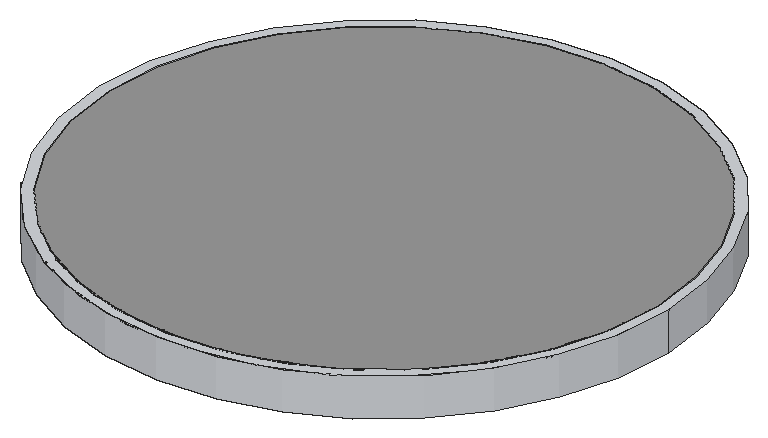
Revit family "2071239", category Lighting Fixtures, host Face, Revit 2018
Family settings
  Host = Face
  Round Connector Dimension = Use Diameter
  Part Type = Normal
  OmniClass Number = 23.80.70.00
  OmniClass Title = Lighting
  Cut with Voids When Loaded = No
  Light Source = Yes
  Shared = No
  Room Calculation Point = No
Parameters (values of type "2071239 COLOSSAL 900 830 PR DIR WHT SSA02")
  iner diameter = 856 mm
  Weight = "n/a"
  Wattage Comments = ""
  Wattage = 30 W
  WarrantyStartDate [instance] = "n/a"
  WarrantyGuarantorParts = "n/a"
  WarrantyDurationUnit = "n/a"
  WarrantyDurationParts = ""
  WarrantyDescription = "http://www.sylvania-lighting.com"
  built-in parameter 1150110 = 1 (stored number, unit not read)
  Voltage = 230 V
  URL = "0.99"
  TypeName = "COLOSSAL 900mm 830 PRISM DIR WHITE SSA02"
  Type Image = <None>
  Type Comments = "n/a"
  built-in parameter 1114217 = 1 (stored number, unit not read)
  Tilt Angle = -90.00°
  built-in parameter 1150109 = 1 (stored number, unit not read)
  built-in parameter 1150134 = (empty or 0)
  built-in parameter 1150113 = 1 (stored number, unit not read)
  SerialNumber [instance] = "n/a"
  Photometric Web File = "2071239.ies"
  Material_3_SYL = LED-Sylvania
  PowerFactor = 0
  PowerConsumption = "Lighting"
  NominalLength = 888 mm
  NominalHeight = 93 mm
  NominalDepth = 888 mm
  Name = "COLOSSAL 900mm 830 PRISM DIR WHITE SSA02"
  ModelReference = Name  # "COLOSSAL 900mm 830 PRISM DIR WHITE SSA02"
  ModelNumber = "2071239"
  Model = Name  # "COLOSSAL 900mm 830 PRISM DIR WHITE SSA02"
  Material = "Feilo Sylvania"
  ManufacturerName = "130 lm/W"
  Manufacturer = ""
  LuminousEfficacy = ""
  built-in parameter 1150105 = 270.44 (stored number, unit not read)
  Lumens = 3398.4 lm
  LuminaireType = "0"
  built-in parameter 1150115 = 1 (stored number, unit not read)
  LightOutputRatio = "LED"
  built-in parameter 1150137 = (empty or 0)
  built-in parameter 1150139 = (empty or 0)
  LampsType = Lamp  # "n/a"
  LampNominalLuminous = "3000 K"
  LampMacAdamStep = "80"
  LampColourTemperature = "LED"
  LampColourRenderingIndex = "16500"
  built-in parameter 1150112 = 1 (stored number, unit not read)
  built-in parameter 1150114 = 1 (stored number, unit not read)
  Lamp = "n/a"
  Keynote = "n/a"
  InstallationDate [instance] = "n/a"
  InputVoltage = "0"
  InputNominalFrequency = "3000"
  built-in parameter 1150132 = (empty or 0)
  built-in parameter 1150102 = (empty or 0)
  built-in parameter 1150107 = 3000 (stored number, unit not read)
  built-in parameter 1150138 = (empty or 0)
  IngressProtection = "IfcLightFixtureType"
  ImpactProtectionIndex = "IfcLightFixtureType"
  built-in parameter 1150106 = 2.7044 (stored number, unit not read)
  IfcExportType = "IfcLightFixtureType"
  IfcExportAs = "Class I"
  Emit from Circle Diameter = 385 mm
  Emit Shape Visible in Rendering = no
  ElectricShockClassification = "130"
  built-in parameter 1150104 = 10.524 (stored number, unit not read)
  DocumentationLiterature = "http://www.sylvania-lighting.com/product/en-int/products/2071239"
  DimmingControlOptions = "n/a"
  Material_2_SYL = Polycarbonate_Sylvania_White
  Dimming Lamp Color Temperature Shift = <None>
  Description = "900mm diameter circular architectural luminaire, can be surface mounted or suspended. Powder coated aluminium housing (RAL9016) with PMMA prismatic diffuser. Direct light distribution, 7785lm luminuous flux, 60W system power, 130lm/W luminiaire efficacy. Sylsmart Connected enabled. Colour rendering index Ra >80, 3000K Warm White LED, chromaticity tolerance of 3-step MacAdam ellipse. IP40/IP20, IK03. 350mA drive current. UGR≤19. Electrical protection Class1, 220-240V. Reported lifetime 66k hours L90B10."
  Default Elevation = 1219.2 mm
  CreatedOn = "23/03/2022"
  CreatedBy = "@sylvania-lighting.com"
  Cost = 0
  Color Filter = 16777215
  built-in parameter 1114216 [instance] = (empty or 0)
  ClassificationValue = "EF_70_80"
  ClassificationName = "Uniclass2015"
  Material_1_SYL = Polycarbonate_Sylvania_Opal
  BarCode [instance] = "n/a"
  built-in parameter 1114218 = 1 (stored number, unit not read)
  built-in parameter 1150133 = 10 (stored number, unit not read)
  AssetType = "Fixed"
  AssetIdentifier [instance] = "n/a"
  Assembly Code = "D5020200"
  Apparent Load = 60 VA
  Material_4_SYL = none
Reference planes
  plane 1 "Center (Front/Back)": y = 0
  plane 2: z = 0
  plane 3 "Center (Left/Right)": x = 0
  plane 4: z = 1.161
  plane 5: z = 16.161
  plane 6: x = -444
  plane 7: x = 444
  plane 8: y = 444
  plane 9: y = -444
  plane 10: y = 236
  plane 11: y = -236
  plane 12: x = 85
  plane 13: x = -85
  plane 14: through (0, 0, 1219.2) normal (0.5, 0.866, 0)
  plane 15: through (42.5, 73.612, 1219.2) normal (0.5, 0.866, 0)
  plane 16: through (-42.5, -73.612, 1219.2) normal (0.5, 0.866, 0)
  plane 17: through (0, 0, 1219.2) normal (0.5, -0.866, 0)
  plane 18: through (-42.5, 73.612, 1219.2) normal (0.5, -0.866, 0)
  plane 19: through (42.5, -73.612, 1219.2) normal (0.5, -0.866, 0)
  plane 20: z = 93
  plane 21: y = 428
  plane 22: y = -428
Forms (mm)
  Extrusion 1, solid, detail levels medium+fine
    sketch origin (0, 0, 0) x (0.866025, -0.5, 0) y (0.5, 0.866025, 0)
      loop
        circle (-50, 86.603) r 22
    from 0 to 2
  Extrusion 2, solid, detail levels medium+fine
    sketch origin (0, 0, 0) x (0.866025, -0.5, 0) y (0.5, 0.866025, 0)
      loop
        circle (100, 0) r 22
      loop
        circle (-50, -86.603) r 22
    from 0 to 2
  Blend 3, solid, detail levels medium+fine
    base sketch origin (0, 0, 0) x (1, 0, 0) y (0, 1, 0)
      loop
        line (-85, 236) -> (-246.882, -44.388) -> (-161.882, -191.612) -> (161.882, -191.612) -> (246.882, -44.388) -> (85, 236) -> (-85, 236)
    top sketch origin (0, 0, 0) x (1, 0, 0) y (0, 1, 0)
      loop
        line (-85, 283.076) -> (-287.651, -67.926) -> (-207.792, -218.119) -> (207.792, -218.119) -> (292.5, -71.401) -> (85, 283.076) -> (-85, 283.076)
    from 0 to 33.022
  Extrusion 4, solid, detail levels medium+fine
    sketch origin (0, 0, 0) x (1, 0, 0) y (0, 1, 0)
      loop
        circle (0, 0) r 444
    from 33.022 to 93
  Extrusion 5, void
    sketch origin (0, 0, 0) x (1, 0, 0) y (0, 1, 0)
      loop
        circle (0, 0) r 428
    from 96.588 to 37.292
  Extrusion 6, solid, material "Glass, White, High Luminance", detail levels fine
    sketch origin (0, 0, 0) x (1, 0, 0) y (0, 1, 0)
      loop
        circle (0, 0) r 428
    from 87.991 to 93
  Extrusion 7, solid, detail levels coarse
    sketch origin (0, 0, 0) x (1, 0, 0) y (0, 1, 0)
      loop
        line (-444, 444) -> (-444, -444) -> (444, -444) -> (444, 444) -> (-444, 444)
    from 0 to 93.648
Cuts and joins
  Extrusion 5 cuts Extrusion 1
  Extrusion 5 cuts Extrusion 2
  Extrusion 5 cuts Blend 3
  Extrusion 5 cuts Extrusion 4
Lines and regions (mm)
  model lines, detail levels medium+fine
    curve 1: circle (0, 0, 0) r 100 normal (0, 0, 1)
Dimensions and locks
  "NominalDepth": plane 8 to plane 9
  plane 8 to plane 1 "Center (Front/Back)" to plane 9 = 444 mm, 444 mm
  "NominalLength": plane 6 to plane 7
  equal spacing: plane 6, plane 3 "Center (Left/Right)", plane 7
  "NominalHeight": level to plane 20
  "iner diameter": plane 21 to plane 22
  equal spacing: plane 21, plane 1 "Center (Front/Back)", plane 22
  aligned and locked: plane 2 to host face
  aligned and locked: level to host face
Automatic sketch dimensions
  host sketch curve to host sketch curve = 2438.4 mm  (x2)
  Extrusion 1 sketch curve to plane 3 "Center (Left/Right)" = 0 mm
  Extrusion 1 sketch curve to plane 1 "Center (Front/Back)" = 100 mm
  plane 1 "Center (Front/Back)" to Extrusion 2 sketch curve = 50 mm
  Extrusion 2 sketch curve to plane 3 "Center (Left/Right)" = 86.603 mm
  Extrusion 2 sketch curve to Extrusion 2 sketch curve = 150 mm
  Extrusion 2 sketch curve to Extrusion 2 sketch curve = 86.603 mm
  plane 1 "Center (Front/Back)" to curve 1 = 0 mm
  curve 1 to plane 3 "Center (Left/Right)" = 0 mm
  plane 18 to Blend 3 sketch curve = 0 mm  (x2)
  plane 19 to Blend 3 sketch curve = 0 mm  (x2)
  Blend 3 sketch curve to plane 10 = 0 mm
  Blend 3 sketch curve to plane 13 = 0 mm  (x2)
  Blend 3 sketch curve to plane 12 = 0 mm  (x2)
  Blend 3 sketch curve to plane 16 = 0 mm  (x2)
  Blend 3 sketch curve to plane 15 = 0 mm
  plane 11 to Blend 3 sketch curve = 44.388 mm
  plane 1 "Center (Front/Back)" to Blend 3 sketch curve = 44.388 mm  (x2)
  plane 11 to Blend 3 sketch curve = 17.881 mm
  plane 1 "Center (Front/Back)" to Blend 3 sketch curve = 67.926 mm
  plane 1 "Center (Front/Back)" to Blend 3 sketch curve = 71.401 mm
  Blend 3 sketch curve to plane 7 = 151.5 mm
  plane 10 to Blend 3 sketch curve = 47.076 mm
  plane 1 "Center (Front/Back)" to Extrusion 4 sketch curve = 0 mm
  Extrusion 4 sketch curve to plane 3 "Center (Left/Right)" = 0 mm
  plane 1 "Center (Front/Back)" to Extrusion 5 sketch curve = 0 mm
  Extrusion 5 sketch curve to plane 3 "Center (Left/Right)" = 0 mm
  plane 1 "Center (Front/Back)" to Extrusion 6 sketch curve = 0 mm
  Extrusion 6 sketch curve to plane 3 "Center (Left/Right)" = 0 mm
  Extrusion 7 sketch curve to plane 6 = 0 mm
  Extrusion 7 sketch curve to plane 7 = 0 mm
  Extrusion 7 sketch curve to plane 9 = 0 mm
  Extrusion 7 sketch curve to plane 8 = 0 mm
  radius of Extrusion 1 sketch curve = 22 mm
  radius of Extrusion 2 sketch curve = 22 mm  (x2)
  radius of curve 1 = 100 mm
  radius of Extrusion 4 sketch curve = 444 mm
  radius of Extrusion 5 sketch curve = 428 mm
  radius of Extrusion 6 sketch curve = 428 mm
Connectors
  electrical at (0, 0, 0), driven by "Apparent Load", driven by "PowerFactor", driven by "Voltage"
    settings: index 1, voltage 230 V, apparent load 60 VA, apparent load phase1 0 VA, apparent load phase2 0 VA, apparent load phase3 0 VA, power factor 0, load classification "Lighting", number of poles 1, system type 30, power factor state 1, is connector primary yes, connector utility no, sub classification motor no, connector description ""
